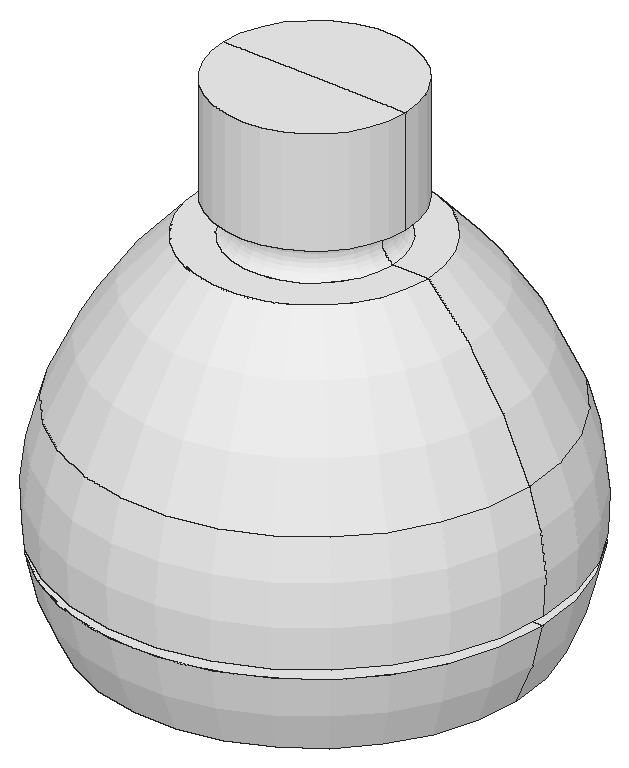
Revit family "Shower_Head-GROHE-Relexa_Plus_65-28342_Series", category Plumbing Fixtures, Revit 2014
Parameters (values of type "28342000")
  cUPC Compliant = yes
  Width = 2 9/16"  # constant formula
  Waste Connection = no
  Warranty Documentation Link = "https://cdn.cloud.grohe.com/tpi/1000/1900/1940/1949/1949006/original/1949006.pdf"
  WFU = 4
  Vent Connection = no
  URL = "https://www.grohe.us/"
  Tempered Water Connection Radius = 1/4"  # constant formula
  Tempered Water Connection Diameter = Tempered Water Connection Radius * 2  # 1/2"
  Product Page URL = "https://www.grohe.us/en_us/relexa-plus-65-shower-head-1-spray-28342000.html"
  Price = "Prices may vary. Please consult Manufacturer Representative for most up-to-date price list."  # constant formula
  Model = "28342000"
  Material = "Metal-Grohe-000-Chrome"
  Manufacturer = "GROHE"
  Hot Water Connection Radius = Tempered Water Connection Radius  # 1/4"
  Hot Water Connection Diameter = Hot Water Connection Radius * 2  # 1/2"
  Height = 2 11/16"  # constant formula
  HWFU = 3
  HW Connection = yes
  Flow Rate = "2.0GPM (7.6L/min)"
  Finish = Metal-Grohe-000-Chrome
  Description = "Relexa Plus 65"  # constant formula
  Default Elevation = 0"
  Creation Date = "2017/04/24"  # constant formula
  Cold Water Connection Radius = Hot Water Connection Radius  # 1/4"
  Cold Water Connection Diameter = Cold Water Connection Radius * 2  # 1/2"
  CWFU = 3
  CW Connection = yes
  Assembly Code = "D2010700"
Types (4): name | Product Page URL | Model | Material | Finish
  (no name) | "https://www.grohe.us/en_us/relexa-plus-65-shower-head-1-spray-28342000.html" | "28342000" | "Metal-Grohe-000-Chrome" | Metal-Grohe-000-Chrome
  28342000 | "https://www.grohe.us/en_us/relexa-plus-65-shower-head-1-spray-28342000.html" | "28342000" | "Metal-Grohe-000-Chrome" | Metal-Grohe-000-Chrome
  28342EN0 | "https://www.grohe.us/en_us/relexa-plus-65-shower-head-1-spray-28342EN0.html" | "28342EN0" | "Metal-Grohe-EN0-Brushed Nickel" | Metal-Grohe-EN0-Brushed Nickel
  2834200E | "https://www.grohe.us/en_us/relexa-plus-shower-head-1-spray-2834200E.html" | "2834200E" | "Metal-Grohe-00E-Chrome" | Metal-Grohe-00E-Chrome
Reference planes (in)
  plane 1 "Center (Front/Back)": y = 0
  plane 2: z = 0
  plane 3 "Center (Left/Right)": x = 0
  plane 4: z = -2.6875
  plane 5: x = -1.28125
  plane 6: x = 1.28125
Forms (in)
  Revolve 1, solid, material "Metal-Grohe-000-Chrome" <- "Finish"
    sketch origin (0, 0, 0) x (1, 0, 0) y (0, 0, 1)
      loop
        line (0, 0) -> (-0.5, 0) -> (-0.5, -0.57798)
        arc (-0.5, -0.57798) -> (-0.37819, -0.6444) -> (-0.42881, -0.77358) r 0.10491
        line (-0.42881, -0.77358) -> (-0.62625, -0.77358)
        arc (-0.62625, -0.77358) -> (-0.95304, -1.15627) -> (-1.18544, -1.60262) r 2.22402
        arc (-1.18544, -1.60262) -> (-1.26105, -1.9046) -> (-1.26191, -2.2159) r 1.28628
        line (-1.26191, -2.2159) -> (-1.14563, -2.2159) -> (-1.14563, -2.26601) -> (-1.25494, -2.26601)
        arc (-1.25494, -2.26601) -> (-1.20066, -2.4831) -> (-1.10958, -2.6875) r 1.28628
        line (-1.10958, -2.6875) -> (0, -2.6875) -> (0, 0)
      axis (0, 0) -> (0, -2.6875)
    angle from 0 to 360
Lines and regions (in)
  Masking region 1
    outline origin (0, 0, 0) x (1, 0, 0) y (0, 1, 0)
      loop
        circle (0, 0) r 1.28125
  symbolic lines, detail levels medium+fine
    curve 1: circle (0, 0, 0) r 0.5 normal (0, 0, 1)
  symbolic lines, detail levels fine
    curve 2: circle (0, 0, 0) r 0.42881 normal (0, 0, 1)
Dimensions and locks (in)
  equal spacing: plane 6, plane 3 "Center (Left/Right)", plane 5
  "Width": plane 6 to plane 5
  "Height": level to plane 4
Automatic sketch dimensions
  Revolve 1 sketch curve to Revolve 1 sketch curve = 0"  (x2)
  Revolve 1 sketch curve to plane 4 = 0"
  Revolve 1 sketch curve to level = 0"
  Revolve 1 sketch curve to plane 3 "Center (Left/Right)" = 0"  (x2)
  Revolve 1 sketch curve to plane 3 "Center (Left/Right)" = 0.42881"
  Revolve 1 sketch curve to Revolve 1 sketch curve = 0.04796"
  Revolve 1 sketch curve to Revolve 1 sketch curve = 0.02323"
  Revolve 1 sketch curve to Revolve 1 sketch curve = 0.14948"
  plane 5 to Revolve 1 sketch curve = 0.17167"
  plane 5 to Revolve 1 sketch curve = 0.13562"
  plane 5 to Revolve 1 sketch curve = 0.02631"
  plane 5 to Revolve 1 sketch curve = 0.01934"
  plane 3 "Center (Left/Right)" to Revolve 1 sketch curve = 0.01534"
  plane 6 to Revolve 1 sketch curve = 0.3905"
  plane 4 to Revolve 1 sketch curve = 0.28758"
  plane 4 to Revolve 1 sketch curve = 0.42149"
  Revolve 1 sketch curve to Revolve 1 sketch curve = 0.05011"
  Revolve 1 sketch curve to level = 0.77358"
  Revolve 1 sketch curve to Revolve 1 sketch curve = 0.0933"
  level to Revolve 1 sketch curve = 1.17332"
  Revolve 1 sketch curve to Revolve 1 sketch curve = 0.32668"
  plane 1 "Center (Front/Back)" to Masking region 1 sketch curve = 0"
  Masking region 1 sketch curve to plane 3 "Center (Left/Right)" = 0"
  curve 1 to curve 2 = 0"  (x2)
  plane 1 "Center (Front/Back)" to curve 2 = 0"
  curve 2 to plane 3 "Center (Left/Right)" = 0"
  radius of Masking region 1 sketch curve = 1 9/32"
  radius of curve 1 = 1/2"
  radius of curve 2 = 0.42881"
Connectors (in)
  piping at (0, 0, 0), diameter 0.5, driven by "Tempered Water Connection Diameter"
    settings: on Revolve 1, index 1, connector inside diameter 24", connector length 0", flow factor 0, pipe flow 0 GPM, pressure drop 0.00 psi, fitting loss kfactor 0, connector angle 0.00°, fixture units 0, engagement length 0", angle of deflection 0.00°, flow configuration 0, flow direction 1, fitting loss method 0, system type 29, joint type 0, gender type 0, connector reference index -1, connector utility 0, adjustable connector no, is connector primary yes, connector description "1/2\" NPT Supply Inlet"
